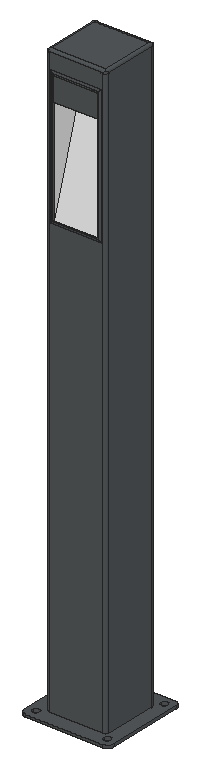
Revit family "svetilnik_alfresco_ar deko_dtu19", category Lighting Fixtures, Revit 2016 (continued)
Definition of nested family "Источник света Ар_Деко"
  Types (5, lengths in mm): name | Photometric Web File | built-in parameter 1150142
      .0       0.0       0.0       0.0\r\n       0.0       0.0       0.0       0.0       0.0       0.1       0.1       0.1\r\n       0.2       0.2       0.2       0.2       0.2       0.2       0.2       0.2\r\n       0.2       0.2       0.2       0.2       0.2       0.2       0.2       0.2\r\n       0.2       0.2       0.2       0.2       0.2       0.2       0.2       0.2\r\n       0.2       0.2       0.2       0.2       0.2       0.2       0.2       0.2\r\n       0.2       0.2       0.2       0.2       0.2       0.2       0.2       0.2\r\n       0.2       0.2       0.2       0.2       0.2       0.2       0.2       0.2\r\n       0.2       0.2       0.2       0.2       0.2       0.2       0.2       0.2\r\n       0.2       0.2       0.2       0.2       0.2       0.2       0.2       0.2\r\n       0.2       0.2       0.2       0.2       0.2       0.2       0.2       0.2\r\n       0.2       0.2       0.2       0.2       0.2       0.2       0.2       0.2\r\n       0.2       0.2       0.2       0.2       0.2       0.2       0.2       0.2\r\n       0.2       0.2       0.2       0.2       0.2       0.2       0.2       0.2\r\n       0.2       0.2       0.2       0.2       0.2       0.2       0.2       0.2\r\n       0.2       0.2       0.2       0.2       0.2       0.2       0.2       0.2\r\n       0.2       0.2       0.2       0.2       0.2       0.2       0.2       0.2\r\n       0.2       0.2       0.2       0.2       0.2       0.2       0.2       0.2\r\n       0.2       0.2       0.2       0.2       0.2       0.2       0.2       0.2\r\n       0.2       0.2       0.2       0.2       0.2       0.2       0.2       0.2\r\n       0.2       0.2       0.2       0.2       0.2       0.2       0.2       0.2\r\n       0.2       0.2       0.2       0.2       0.2       0.2       0.2       0.2\r\n       0.1       0.1       0.1       0.1       0.1       0.1       0.0       0.0\r\n       0.0       0.0       0.0       0.0       0.0\r\n       0.0       0.0       0.0       0.0       0.1       0.1       0.1       0.1\r\n       0.2       0.2       0.2       0.2       0.2       0.2       0.2       0.2\r\n       0.2       0.2       0.2       0.2       0.2       0.2       0.2       0.2\r\n       0.2       0.2       0.2       0.2       0.2       0.2       0.2       0.2\r\n       0.2       0.2       0.2       0.2       0.2       0.2       0.2       0.2\r\n       0.2       0.2       0.2       0.2       0.2       0.2       0.2       0.2\r\n       0.2       0.2       0.2       0.2       0.2       0.2       0.2       0.2\r\n       0.2       0.2       0.2       0.2       0.2       0.2       0.2       0.2\r\n       0.2       0.2       0.2       0.2       0.2       0.2       0.2       0.2\r\n       0.2       0.2       0.2       0.2       0.2       0.2       0.2       0.2\r\n       0.2       0.2       0.2       0.2       0.2       0.2       0.2       0.2\r\n       0.2       0.2       0.2       0.2       0.2       0.2       0.2       0.2\r\n       0.2       0.2       0.2       0.2       0.2       0.2       0.2       0.2\r\n       0.2       0.2       0.2       0.2       0.2       0.2       0.2       0.2\r\n       0.2       0.2       0.2       0.2       0.2       0.2       0.2       0.2\r\n       0.2       0.2       0.2       0.2       0.2       0.2       0.2       0.2\r\n       0.2       0.2       0.2       0.2       0.2       0.2       0.2       0.2\r\n       0.2       0.2       0.2       0.2       0.2       0.2       0.2       0.2\r\n       0.2       0.2       0.2       0.2       0.2       0.2       0.2       0.2\r\n       0.2       0.2       0.2       0.2       0.2       0.2       0.2       0.2\r\n       0.2       0.2       0.2       0.2       0.2       0.2       0.2       0.2\r\n       0.1       0.1       0.1       0.1       0.1       0.1       0.0       0.0\r\n       0.0       0.0       0.0       0.0       0.0\r\n       0.0       0.0       0.0       0.0       0.1       0.1       0.1       0.1\r\n       0.2       0.2       0.2       0.2       0.2       0.2       0.2       0.2\r\n       0.2       0.2       0.2       0.2       0.2       0.2       0.2       0.2\r\n       0.2       0.2       0.2       0.2       0.2       0.2       0.2       0.2\r\n       0.2       0.2       0.2       0.2       0.2       0.2       0.2       0.2\r\n       0.2       0.2       0.2       0.2       0.2       0.2       0.2       0.2\r\n       0.2       0.2       0.2       0.2       0.2       0.2       0.2       0.2\r\n       0.2       0.2       0.2       0.2       0.2       0.2       0.2       0.2\r\n       0.2       0.2       0.2       0.2       0.2       0.2       0.2       0.2\r\n       0.2       0.2       0.2       0.2       0.2       0.2       0.2       0.2\r\n       0.2       0.2       0.2       0.2       0.2       0.2       0.2       0.2\r\n       0.2       0.2       0.2       0.2       0.2       0.2       0.2       0.2\r\n       0.2       0.2       0.2       0.2       0.2       0.2       0.2       0.2\r\n       0.2       0.2       0.2       0.2       0.2       0.2       0.2       0.2\r\n       0.2       0.2       0.2       0.2       0.2       0.2       0.2       0.2\r\n       0.2       0.2       0.2       0.2       0.2       0.2       0.2       0.2\r\n       0.2       0.2       0.2       0.2       0.2       0.2       0.2       0.2\r\n       0.2       0.2       0.2       0.2       0.2       0.2       0.2       0.2\r\n       0.2       0.2       0.2       0.2       0.2       0.2       0.2       0.2\r\n       0.2       0.2       0.2       0.2       0.2       0.2       0.2       0.2\r\n       0.2       0.2       0.2       0.2       0.2       0.2       0.2       0.2\r\n       0.2       0.2       0.1       0.1       0.1       0.1       0.0       0.0\r\n       0.0       0.0       0.0       0.0       0.0\r\n       0.0       0.0       0.0       0.0       0.1       0.1       0.1       0.1\r\n       0.2       0.2       0.2       0.2       0.2       0.2       0.2       0.2\r\n       0.2       0.2       0.2       0.2       0.2       0.2       0.2       0.2\r\n       0.2       0.2       0.2       0.2       0.2       0.2       0.2       0.2\r\n       0.2       0.2       0.2       0.2       0.2       0.2       0.2       0.2\r\n       0.2       0.2       0.2       0.2       0.2       0.2       0.2       0.2\r\n       0.2       0.2       0.2       0.2       0.2       0.2       0.2       0.2\r\n       0.2       0.2       0.2       0.2       0.2       0.2       0.2       0.2\r\n       0.2       0.2       0.2       0.2       0.2       0.2       0.2       0.2\r\n       0.2       0.2       0.2       0.2       0.2       0.2       0.2       0.2\r\n       0.2       0.2       0.2       0.2       0.2       0.2       0.2       0.2\r\n       0.2       0.2       0.2       0.2       0.2       0.2       0.2       0.2\r\n       0.2       0.2       0.2       0.2       0.2       0.2       0.2       0.2\r\n       0.2       0.2       0.2       0.2       0.2       0.2       0.2       0.2\r\n       0.2       0.2       0.2       0.2       0.2       0.2       0.2       0.2\r\n       0.2       0.2       0.2       0.2       0.2       0.2       0.2       0.2\r\n       0.2       0.2       0.2       0.2       0.2       0.2       0.2       0.2\r\n       0.2       0.2       0.2       0.2       0.2       0.2       0.2       0.2\r\n       0.2       0.2       0.2       0.2       0.2       0.2       0.2       0.2\r\n       0.2       0.2       0.2       0.2       0.2       0.2       0.2       0.2\r\n       0.2       0.2       0.2       0.2       0.2       0.2       0.2       0.2\r\n       0.2       0.2       0.1       0.1       0.1       0.1       0.0       0.0\r\n       0.0       0.0       0.0       0.0       0.0\r\n       0.0       0.0       0.0       0.1       0.1       0.1       0.1       0.1\r\n       0.2       0.2       0.2       0.2       0.2       0.2       0.2       0.2\r\n       0.2       0.2       0.2       0.2       0.2       0.2       0.2       0.2\r\n       0.2       0.2       0.2       0.2       0.2       0.2       0.2       0.2\r\n       0.2       0.2       0.2       0.2       0.2       0.2       0.2       0.2\r\n       0.2       0.2       0.2       0.2       0.2       0.2       0.2       0.2\r\n       0.2       0.2       0.2       0.2       0.2       0.2       0.2       0.2\r\n       0.2       0.2       0.2       0.2       0.2       0.2       0.2       0.2\r\n       0.2       0.2       0.2       0.2       0.2       0.2       0.2       0.2\r\n       0.2       0.2       0.2       0.2       0.2       0.2       0.2       0.2\r\n       0.2       0.2       0.2       0.2       0.2       0.2       0.2       0.2\r\n       0.2       0.2       0.2       0.2       0.2       0.2       0.2       0.2\r\n       0.2       0.2       0.2       0.2       0.2       0.2       0.2       0.2\r\n       0.2       0.2       0.2       0.2       0.2       0.2       0.2       0.2\r\n       0.2       0.2       0.2       0.2       0.2       0.2       0.2       0.2\r\n       0.2       0.2       0.2       0.2       0.2       0.2       0.2       0.2\r\n       0.2       0.2       0.2       0.2       0.2       0.2       0.2       0.2\r\n       0.2       0.2       0.2       0.2       0.2       0.2       0.2       0.2\r\n       0.2       0.2       0.2       0.2       0.2       0.2       0.2       0.2\r\n       0.2       0.2       0.2       0.2       0.2       0.2       0.2       0.2\r\n       0.2       0.2       0.2       0.2       0.2       0.2       0.2       0.2\r\n       0.2       0.2       0.1       0.1       0.1       0.1       0.0       0.0\r\n       0.0       0.0       0.0       0.0       0.0\r\n       0.0       0.0       0.0       0.1       0.1       0.1       0.1       0.1\r\n       0.2       0.2       0.2       0.2       0.2       0.2       0.2       0.2\r\n       0.2       0.2       0.2       0.2       0.2       0.2       0.2       0.2\r\n       0.2       0.2       0.2       0.2       0.2       0.2       0.2       0.2\r\n       0.2       0.2       0.2       0.2       0.2       0.2       0.2       0.2\r\n       0.2       0.2       0.2       0.2       0.2       0.2       0.2       0.2\r\n       0.2       0.2       0.2       0.2       0.2       0.2       0.2       0.2\r\n       0.2       0.2       0.2       0.2       0.2       0.2       0.2       0.2\r\n       0.2       0.2       0.2       0.2       0.2       0.2       0.2       0.2\r\n       0.2       0.2       0.2       0.2       0.2       0.2       0.2       0.2\r\n       0.2       0.2       0.2       0.2       0.2       0.2       0.2       0.2\r\n       0.2       0.2       0.2       0.2       0.2       0.2       0.2       0.2\r\n       0.2       0.2       0.2       0.2       0.2       0.2       0.2       0.2\r\n       0.2       0.2       0.2       0.2       0.2       0.2       0.2       0.2\r\n       0.2       0.2       0.2       0.2       0.2       0.2       0.2       0.2\r\n       0.2       0.2       0.2       0.2       0.2       0.2       0.2       0.2\r\n       0.2       0.2       0.2       0.2       0.2       0.2       0.2       0.2\r\n       0.2       0.2       0.2       0.2       0.2       0.2       0.2       0.2\r\n       0.2       0.2       0.2       0.2       0.2       0.2       0.2       0.2\r\n       0.2       0.2       0.2       0.2       0.2       0.2       0.2       0.2\r\n       0.2       0.2       0.2       0.2       0.2       0.2       0.2       0.2\r\n       0.2       0.2       0.1       0.1       0.1       0.1       0.0       0.0\r\n       0.0       0.0       0.0       0.0       0.0\r\n       0.0       0.0       0.0       0.1       0.1       0.1       0.1       0.1\r\n       0.2       0.2       0.2       0.2       0.2       0.2       0.2       0.2\r\n       0.2       0.2       0.2       0.2       0.2       0.2       0.2       0.2\r\n       0.2       0.2       0.2       0.2       0.2       0.2       0.2       0.2\r\n       0.2       0.2       0.2       0.2       0.2       0.2       0.2       0.2\r\n       0.2       0.2       0.2       0.2       0.2       0.2       0.2       0.2\r\n       0.2       0.2       0.2       0.2       0.2       0.2       0.2       0.2\r\n       0.2       0.2       0.2       0.2       0.2       0.2       0.2       0.2\r\n       0.2       0.2       0.2       0.2       0.2       0.2       0.2       0.2\r\n       0.2       0.2       0.2       0.2       0.2       0.2       0.2       0.2\r\n       0.2       0.2       0.2       0.2       0.2       0.2       0.2       0.2\r\n       0.2       0.2       0.2       0.2       0.2       0.2       0.2       0.2\r\n       0.2       0.2       0.2       0.2       0.2       0.2       0.2       0.2\r\n       0.2       0.2       0.2       0.2       0.2       0.2       0.2       0.2\r\n       0.2       0.2       0.2       0.2       0.2       0.2       0.2       0.2\r\n       0.2       0.2       0.2       0.2       0.2       0.2       0.2       0.2\r\n       0.2       0.2       0.2       0.2       0.2       0.2       0.2       0.2\r\n       0.2       0.2       0.2       0.2       0.2       0.2       0.2       0.2\r\n       0.2       0.2       0.2       0.2       0.2       0.2       0.2       0.2\r\n       0.2       0.2       0.2       0.2       0.2       0.2       0.2       0.2\r\n       0.2       0.2       0.2       0.2       0.2       0.2       0.2       0.2\r\n       0.2       0.2       0.1       0.1       0.1       0.1       0.0       0.0\r\n       0.0       0.0       0.0       0.0       0.0\r\n       0.0       0.0       0.0       0.1       0.1       0.1       0.1       0.1\r\n       0.2       0.2       0.2       0.2       0.2       0.2       0.2       0.2\r\n       0.2       0.2       0.2       0.2       0.2       0.2       0.2       0.2\r\n       0.3       0.3       0.2       0.2       0.2       0.2       0.2       0.2\r\n       0.2       0.2       0.2       0.2       0.2       0.2       0.2       0.2\r\n       0.2       0.2       0.2       0.2       0.2       0.2       0.2       0.2\r\n       0.2       0.2       0.2       0.2       0.2       0.2       0.2       0.2\r\n       0.2       0.2       0.2       0.2       0.2       0.2       0.2       0.2\r\n       0.2       0.2       0.2       0.2       0.2       0.2       0.2       0.2\r\n       0.2       0.2       0.2       0.2       0.2       0.2       0.2       0.2\r\n       0.2       0.2       0.2       0.2       0.2       0.2       0.2       0.2\r\n       0.2       0.2       0.2       0.2       0.2       0.2       0.2       0.2\r\n       0.2       0.2       0.2       0.2       0.2       0.2       0.2       0.2\r\n       0.2       0.2       0.2       0.2       0.2       0.2       0.2       0.2\r\n       0.2       0.2       0.2       0.2       0.2       0.2       0.2       0.2\r\n       0.2       0.2       0.2       0.2       0.2       0.2       0.2       0.2\r\n       0.2       0.2       0.2       0.2       0.2       0.2       0.2       0.2\r\n       0.2       0.2       0.2       0.2       0.2       0.2       0.2       0.2\r\n       0.2       0.2       0.2       0.2       0.2       0.2       0.2       0.2\r\n       0.2       0.2       0.2       0.2       0.2       0.2       0.2       0.2\r\n       0.2       0.2       0.2       0.2       0.2       0.2       0.2       0.2\r\n       0.2       0.2       0.2       0.1       0.1       0.1       0.0       0.0\r\n       0.0       0.0       0.0       0.0       0.0\r\n       0.0       0.0       0.0       0.1       0.1       0.1       0.1       0.1\r\n       0.2       0.2       0.2       0.2       0.2       0.2       0.2       0.2\r\n       0.2       0.2       0.2       0.2       0.2       0.2       0.2       0.2\r\n       0.3       0.3       0.2       0.2       0.2       0.2       0.2       0.2\r\n       0.2       0.2       0.2       0.2       0.2       0.2       0.2       0.2\r\n       0.2       0.2       0.2       0.2       0.2       0.2       0.2       0.2\r\n       0.2       0.2       0.2       0.2       0.2       0.2       0.2       0.2\r\n       0.2       0.2       0.2       0.2       0.2       0.2       0.2       0.2\r\n       0.2       0.2       0.2       0.2       0.2       0.2       0.2       0.2\r\n       0.2       0.2       0.2       0.2       0.2       0.2       0.2       0.2\r\n       0.2       0.2       0.2       0.2       0.2       0.2       0.2       0.2\r\n       0.2       0.2       0.2       0.2       0.2       0.2       0.2       0.2\r\n       0.2       0.2       0.2       0.2       0.2       0.2       0.2       0.2\r\n       0.2       0.2       0.2       0.2       0.2  
           0.2       0.2       0.2\r\n       0.2       0.2       0.2       0.2       0.2       0.2       0.2       0.2\r\n       0.2       0.2       0.2       0.2       0.2       0.2       0.2       0.2\r\n       0.2       0.2       0.2       0.2       0.2       0.2       0.2       0.2\r\n       0.2       0.2       0.2       0.2       0.2       0.2       0.2       0.2\r\n       0.2       0.2       0.2       0.2       0.2       0.2       0.2       0.2\r\n       0.2       0.2       0.2       0.2       0.2       0.2       0.2       0.2\r\n       0.2       0.2       0.2       0.2       0.2       0.2       0.2       0.2\r\n       0.2       0.2       0.2       0.1       0.1       0.1       0.0       0.0\r\n       0.0       0.0       0.0       0.0       0.0\r\n       0.0       0.0       0.0       0.1       0.1       0.1       0.1       0.1\r\n       0.2       0.2       0.2       0.2       0.2       0.2       0.2       0.2\r\n       0.2       0.2       0.2       0.2       0.2       0.2       0.2       0.2\r\n       0.2       0.2       0.2       0.2       0.2       0.2       0.2       0.2\r\n       0.2       0.2       0.2       0.2       0.2       0.2       0.2       0.2\r\n       0.2       0.2       0.2       0.2       0.2       0.2       0.2       0.2\r\n       0.2       0.2       0.2       0.2       0.2       0.2       0.2       0.2\r\n       0.2       0.2       0.2       0.2       0.2       0.2       0.2       0.2\r\n       0.2       0.2       0.2       0.2       0.2       0.2       0.2       0.2\r\n       0.2       0.2       0.2       0.2       0.2       0.2       0.2       0.2\r\n       0.2       0.2       0.2       0.2       0.2       0.2       0.2       0.2\r\n       0.2       0.2       0.2       0.2       0.2       0.2       0.2       0.2\r\n       0.2       0.2       0.2       0.2       0.2       0.2       0.2       0.2\r\n       0.2       0.2       0.2       0.2       0.2       0.2       0.2       0.2\r\n       0.2       0.2       0.2       0.2       0.2       0.2       0.2       0.2\r\n       0.2       0.2       0.2       0.2       0.2       0.2       0.2       0.2\r\n       0.2       0.2       0.2       0.2       0.2       0.2       0.2       0.2\r\n       0.2       0.2       0.2       0.2       0.2       0.2       0.2       0.2\r\n       0.2       0.2       0.2       0.2       0.2       0.2       0.2       0.2\r\n       0.2       0.2       0.2       0.2       0.2       0.2       0.2       0.2\r\n       0.2       0.2       0.2       0.2       0.2       0.2       0.2       0.2\r\n       0.2       0.2       0.2       0.1       0.1       0.1       0.0       0.0\r\n       0.0       0.0       0.0       0.0       0.0\r\n       0.0       0.0       0.0       0.1       0.1       0.1       0.1       0.1\r\n       0.2       0.2       0.2       0.2       0.2       0.2       0.2       0.2\r\n       0.2       0.2       0.2       0.2       0.2       0.2       0.2       0.2\r\n       0.2       0.2       0.2       0.2       0.2       0.2       0.2       0.2\r\n       0.2       0.2       0.2       0.2       0.2       0.2       0.2       0.2\r\n       0.2       0.2       0.2       0.2       0.2       0.2       0.2       0.2\r\n       0.2       0.2       0.2       0.2       0.2       0.2       0.2       0.2\r\n       0.2       0.2       0.2       0.2       0.2       0.2       0.2       0.2\r\n       0.2       0.2       0.2       0.2       0.2       0.2       0.2       0.2\r\n       0.2       0.2       0.3       0.3       0.2       0.2       0.2       0.2\r\n       0.2       0.2       0.2       0.2       0.2       0.2       0.2       0.2\r\n       0.2       0.2       0.2       0.2       0.2       0.2       0.2       0.2\r\n       0.2       0.2       0.2       0.2       0.2       0.2       0.2       0.2\r\n       0.2       0.2       0.2       0.2       0.2       0.2       0.2       0.2\r\n       0.2       0.2       0.2       0.2       0.2       0.2       0.2       0.2\r\n       0.2       0.2       0.2       0.2       0.2       0.2       0.2       0.2\r\n       0.2       0.2       0.2       0.2       0.2       0.2       0.2       0.2\r\n       0.2       0.2       0.2       0.2       0.2       0.2       0.2       0.2\r\n       0.2       0.2       0.2       0.2       0.2       0.2       0.2       0.2\r\n       0.2       0.2       0.2       0.2       0.2       0.2       0.2       0.2\r\n       0.2       0.2       0.2       0.2       0.2       0.2       0.2       0.2\r\n       0.2       0.2       0.2       0.1       0.1       0.1       0.0       0.0\r\n       0.0       0.0       0.0       0.0       0.0\r\n       0.0       0.0       0.0       0.1       0.1       0.1       0.1       0.1\r\n       0.2       0.2       0.2       0.2       0.2       0.2       0.2       0.2\r\n       0.2       0.2       0.2       0.2       0.2       0.2       0.2       0.2\r\n       0.2       0.2       0.2       0.2       0.2       0.2       0.2       0.2\r\n       0.2       0.2       0.2       0.2       0.2       0.2       0.2       0.2\r\n       0.2       0.2       0.2       0.2       0.2       0.2       0.2       0.2\r\n       0.2       0.2       0.2       0.2       0.2       0.2       0.2       0.2\r\n       0.2       0.2       0.2       0.2       0.2       0.2       0.2       0.2\r\n       0.2       0.2       0.2       0.2       0.2       0.2       0.2       0.2\r\n       0.2       0.2       0.2       0.2       0.2       0.2       0.2       0.2\r\n       0.2       0.2       0.2       0.2       0.2       0.2       0.2       0.2\r\n       0.2       0.2       0.2       0.2       0.2       0.2       0.2       0.2\r\n       0.2       0.2       0.2       0.2       0.2       0.2       0.2       0.2\r\n       0.2       0.2       0.2       0.2       0.2       0.2       0.2       0.2\r\n       0.2       0.2       0.2       0.2       0.2       0.2       0.2       0.2\r\n       0.2       0.2       0.2       0.2       0.2       0.2       0.2       0.2\r\n       0.2       0.2       0.2       0.2       0.2       0.2       0.2       0.2\r\n       0.2       0.2       0.2       0.2       0.2       0.2       0.2       0.2\r\n       0.2       0.2       0.2       0.2       0.2       0.2       0.2       0.2\r\n       0.2       0.2       0.2       0.2       0.2       0.2       0.2       0.2\r\n       0.2       0.2       0.2       0.2       0.2       0.2       0.2       0.2\r\n       0.2       0.2       0.2       0.1       0.1       0.1       0.0       0.0\r\n       0.0       0.0       0.0       0.0       0.0\r\n       0.0       0.0       0.1       0.1       0.1       0.1       0.1       0.1\r\n       0.2       0.2       0.2       0.2       0.2       0.2       0.2       0.2\r\n       0.2       0.2       0.2       0.2       0.2       0.2       0.2       0.2\r\n       0.2       0.2       0.2       0.2       0.2       0.2       0.2       0.2\r\n       0.2       0.2       0.2       0.2       0.2       0.2       0.2       0.2\r\n       0.2       0.2       0.2       0.2       0.2       0.2       0.2       0.2\r\n       0.2       0.2       0.2       0.2       0.2       0.2       0.2       0.2\r\n       0.2       0.2       0.2       0.2       0.2       0.2       0.2       0.2\r\n       0.2       0.2       0.2       0.2       0.2       0.2       0.2       0.2\r\n       0.2       0.2       0.2       0.2       0.2       0.2       0.2       0.2\r\n       0.2       0.2       0.2       0.2       0.2       0.2       0.2       0.2\r\n       0.2       0.2       0.2       0.2       0.2       0.2       0.2       0.2\r\n       0.2       0.2       0.2       0.2       0.2       0.2       0.2       0.2\r\n       0.2       0.2       0.2       0.2       0.2       0.2       0.2       0.2\r\n       0.2       0.2       0.2       0.2       0.2       0.2       0.2       0.2\r\n       0.2       0.2       0.2       0.2       0.2       0.2       0.2       0.2\r\n       0.2       0.2       0.2       0.2       0.2       0.2       0.2       0.2\r\n       0.2       0.2       0.2       0.2       0.2       0.2       0.2       0.2\r\n       0.2       0.2       0.2       0.2       0.2       0.2       0.2       0.2\r\n       0.2       0.2       0.2       0.2       0.2       0.2       0.2       0.2\r\n       0.2       0.2       0.2       0.2       0.2       0.2       0.2       0.2\r\n       0.2       0.2       0.2       0.1       0.1       0.1       0.0       0.0\r\n       0.0       0.0       0.0       0.0       0.0\r\n       0.0       0.0       0.1       0.1       0.1       0.1       0.1       0.1\r\n       0.2       0.2       0.2       0.2       0.2       0.2       0.2       0.2\r\n       0.2       0.2       0.2       0.2       0.2       0.2       0.2       0.2\r\n       0.2       0.2       0.2       0.2       0.2       0.2       0.2       0.2\r\n       0.2       0.2       0.2       0.2       0.2       0.2       0.2       0.2\r\n       0.2       0.2       0.2       0.2       0.2       0.2       0.2       0.2\r\n       0.2       0.2       0.2       0.2       0.2       0.2       0.2       0.2\r\n       0.2       0.2       0.2       0.2       0.2       0.2       0.2       0.2\r\n       0.2       0.2       0.2       0.2       0.2       0.2       0.2       0.2\r\n       0.2       0.2       0.2       0.2       0.2       0.2       0.2       0.2\r\n       0.2       0.2       0.2       0.2       0.2       0.2       0.2       0.2\r\n       0.2       0.2       0.2       0.2       0.2       0.2       0.2       0.2\r\n       0.2       0.2       0.2       0.2       0.2       0.2       0.2       0.2\r\n       0.2       0.2       0.2       0.2       0.2       0.2       0.2       0.2\r\n       0.2       0.2       0.2       0.2       0.2       0.2       0.2       0.2\r\n       0.2       0.2       0.2       0.2       0.2       0.2       0.2       0.2\r\n       0.2       0.2       0.2       0.2       0.2       0.2       0.2       0.2\r\n       0.2       0.2       0.2       0.2       0.2       0.2       0.2       0.2\r\n       0.2       0.2       0.2       0.2       0.2       0.2       0.2       0.2\r\n       0.2       0.2       0.2       0.2       0.2       0.2       0.2       0.2\r\n       0.2       0.2       0.2       0.2       0.2       0.2       0.2       0.2\r\n       0.2       0.2       0.2       0.1       0.1       0.1       0.0       0.0\r\n       0.0       0.0       0.0       0.0       0.0\r\n       0.0       0.0       0.1       0.1       0.1       0.1       0.1       0.1\r\n       0.2       0.2       0.2       0.2       0.2       0.2       0.2       0.2\r\n       0.2       0.2       0.2       0.2       0.2       0.2       0.2       0.2\r\n       0.2       0.2       0.2       0.2       0.2       0.2       0.2       0.2\r\n       0.2       0.2       0.2       0.2       0.2       0.2       0.2       0.2\r\n       0.2       0.2       0.2       0.2       0.2       0.2       0.2       0.2\r\n       0.2       0.2       0.2       0.2       0.2       0.2       0.2       0.2\r\n       0.2       0.2       0.2       0.2       0.2       0.2       0.2       0.2\r\n       0.2       0.2       0.2       0.2       0.2       0.2       0.2       0.2\r\n       0.2       0.2       0.2       0.2       0.2       0.2       0.2       0.2\r\n       0.2       0.2       0.2       0.2       0.2       0.2       0.2       0.2\r\n       0.2       0.2       0.2       0.2       0.3       0.2       0.2       0.2\r\n       0.2       0.2       0.2       0.2       0.2       0.3       0.2       0.2\r\n       0.2       0.2       0.2       0.2       0.2       0.2       0.2       0.2\r\n       0.2       0.2       0.2       0.2       0.2       0.2       0.2       0.2\r\n       0.2       0.2       0.2       0.2       0.2       0.2       0.2       0.2\r\n       0.2       0.2       0.2       0.2       0.2       0.2       0.2       0.2\r\n       0.2       0.2       0.2       0.2       0.2       0.2       0.2       0.2\r\n       0.2       0.2       0.2       0.2       0.2       0.2       0.2       0.2\r\n       0.2       0.2       0.2       0.2       0.2       0.2       0.2       0.2\r\n       0.2       0.2       0.2       0.2       0.2       0.2       0.2       0.2\r\n       0.2       0.2       0.2       0.1       0.1       0.1       0.0       0.0\r\n       0.0       0.0       0.0       0.0       0.0\r\n       0.0       0.0       0.1       0.1       0.1       0.1       0.1       0.1\r\n       0.2       0.2       0.2       0.2       0.2       0.2       0.2       0.2\r\n       0.2       0.2       0.2       0.2       0.2       0.2       0.2       0.2\r\n       0.2       0.2       0.2       0.2       0.2       0.2       0.2       0.2\r\n       0.2       0.2       0.2       0.2       0.2       0.2       0.2       0.2\r\n       0.3       0.3       0.2       0.2       0.2       0.2       0.2       0.2\r\n       0.2       0.2       0.2       0.2       0.2       0.2       0.2       0.2\r\n       0.2       0.2       0.2       0.2       0.2       0.2       0.2       0.2\r\n       0.2       0.2       0.2       0.2       0.2       0.2       0.2       0.2\r\n       0.2       0.2       0.2       0.2       0.2       0.2       0.2       0.2\r\n       0.2       0.2       0.2       0.2       0.2       0.2       0.2       0.2\r\n       0.2       0.2       0.2       0.2       0.2       0.2       0.2       0.2\r\n       0.2       0.2       0.2       0.2       0.2       0.2       0.2       0.2\r\n       0.2       0.2       0.2       0.2       0.2       0.2       0.2       0.2\r\n       0.2       0.2       0.2       0.2       0.2       0.2       0.2       0.2\r\n       0.2       0.2       0.2       0.2       0.2       0.2       0.2       0.2\r\n       0.2       0.2       0.2       0.2       0.2       0.2       0.2       0.2\r\n       0.2       0.2       0.2       0.2       0.2       0.2       0.2       0.2\r\n       0.2       0.2       0.2       0.2       0.2       0.2       0.2       0.2\r\n       0.2       0.2       0.2       0.2       0.2       0.2       0.2       0.2\r\n       0.2       0.2       0.2       0.2       0.2       0.2       0.2       0.2\r\n       0.2       0.2       0.2       0.1       0.1       0.1       0.0       0.0\r\n       0.0       0.0       0.0       0.0       0.0\r\n       0.0       0.0       0.1       0.1       0.1       0.1       0.1       0.1\r\n       0.2       0.2       0.2       0.2       0.2       0.2       0.2       0.2\r\n       0.2       0.2       0.2       0.2       0.2       0.2       0.2       0.2\r\n       0.2       0.2       0.2       0.2       0.2       0.2       0.2       0.2\r\n       0.2       0.2       0.2       0.2       0.2       0.2       0.2       0.2\r\n       0.3       0.3       0.2       0.2       0.2       0.2       0.2       0.2\r\n       0.2       0.2       0.2       0.2       0.2       0.2       0.2       0.2\r\n       0.2       0.2       0.2       0.2       0.2       0.2       0.2       0.2\r\n       0.2       0.2       0.2       0.2       0.2       0.2       0.2       0.2\r\n       0.2       0.2       0.2       0.2       0.2       0.2       0.2       0.2\r\n       0.2       0.2       0.2       0.2       0.2       0.2       0.2       0.2\r\n       0.2       0.2       0.2       0.2       0.2       0.2       0.2       0.2\r\n       0.2       0.2       0.2       0.2       0.2       0.2       0.2       0.2\r\n       0.2       0.2       0.2       0.2       0.2       0.2       0.2       0.2\r\n       0.2       0.2       0.2       0.2       0.2       0.2       0.2       0.2\r\n       0.2       0.2       0.2       0.2       0.2       0.2       0.2       0.2\r\n       0.2       0.2       0.2       0.2       0.2       0.2       0.2       0.2\r\n       0.2       0.2       0.2       0.2       0.2       0.2       0.2       0.2\r\n       0.2       0.2       0.2       0.2       0.2       0.2       0.2       0.2\r\n       0.2       0.2       0.2       0.2       0.2       0.2       0.2       0.2\r\n       0.2       0.2       0.2       0.2       0.2       0.2       0.2       0.2\r\n       0.2       0.2       0.2       0.1       0.1       0.1       0.0       0.0\r\n       0.0       0.0       0.0       0.0       0.0\r\n       0.0       0.0       0.1       0.1       0.1       0.1       0.1       0.1\r\n       0.2       0.2       0.2       0.2       0.2       0.2       0.2       0.2\r\n       0.2       0.2       0.2       0.2       0.2       0.2       0.2       0.2\r\n       0.2       0.2       0.2       0.2       0.2       0.2       0.2       0.2\r\n       0.2       0.2       0.2       0.2       0.2       0.2       0.2       0.2\r\n    
